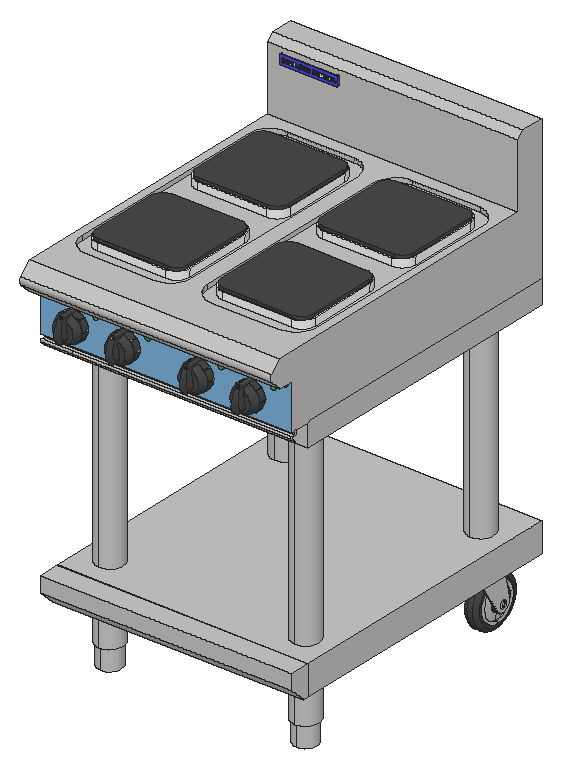
Revit family "QF_Moffat_E514S-LS_Electric_Cooktop_cat", category Specialty Equipment, Revit 2019 (continued)
Definition of nested family "QF_LOGO_BLue Seal"
  Automatic sketch dimensions
    plane 7 "Center Y" to Extrusion 1 sketch curve = 0.845 mm
    plane 7 "Center Y" to Extrusion 1 sketch curve = 0.988 mm
    Extrusion 1 sketch curve to Extrusion 1 sketch curve = 7.327 mm
    Extrusion 1 sketch curve to Extrusion 1 sketch curve = 4.556 mm
    Extrusion 1 sketch curve to Extrusion 1 sketch curve = 3.087 mm
    Extrusion 1 sketch curve to Extrusion 1 sketch curve = 4.657 mm  (x2)
    Extrusion 1 sketch curve to Extrusion 1 sketch curve = 0.004 mm
    Extrusion 1 sketch curve to Extrusion 1 sketch curve = 0.996 mm  (x2)
    Extrusion 1 sketch curve to Extrusion 1 sketch curve = 1.402 mm
    Extrusion 1 sketch curve to Extrusion 1 sketch curve = 5.025 mm
    Extrusion 1 sketch curve to Extrusion 1 sketch curve = 4.717 mm
    Extrusion 1 sketch curve to Extrusion 1 sketch curve = 4.785 mm
    Extrusion 1 sketch curve to Extrusion 1 sketch curve = 0.211 mm
    Extrusion 1 sketch curve to Extrusion 1 sketch curve = 2.645 mm
    Extrusion 1 sketch curve to Extrusion 1 sketch curve = 3.936 mm
    Extrusion 1 sketch curve to Extrusion 1 sketch curve = 0.5 mm  (x2)
    Extrusion 1 sketch curve to Extrusion 1 sketch curve = 1.76 mm
    Extrusion 1 sketch curve to Extrusion 1 sketch curve = 2.76 mm
    Extrusion 1 sketch curve to Extrusion 1 sketch curve = 4.875 mm
    Extrusion 1 sketch curve to Extrusion 1 sketch curve = 3.875 mm
    Extrusion 1 sketch curve to Extrusion 1 sketch curve = 1.717 mm
    plane 4 "RIGHT" to Extrusion 1 sketch curve = 4.933 mm
    plane 4 "RIGHT" to Extrusion 1 sketch curve = 2 mm  (x2)
    level to Extrusion 1 sketch curve = 7.169 mm  (x5)
    Extrusion 1 sketch curve to Extrusion 1 sketch curve = 5.169 mm
    Extrusion 1 sketch curve to Extrusion 1 sketch curve = 0.983 mm  (x2)
    Extrusion 1 sketch curve to Extrusion 1 sketch curve = 1.01 mm  (x2)
    Extrusion 1 sketch curve to Extrusion 1 sketch curve = 0.376 mm
    Extrusion 1 sketch curve to Extrusion 1 sketch curve = 0.588 mm
    Extrusion 1 sketch curve to Extrusion 1 sketch curve = 0.966 mm
    Extrusion 1 sketch curve to Extrusion 1 sketch curve = 2.037 mm  (x2)
    Extrusion 1 sketch curve to Extrusion 1 sketch curve = 0.772 mm  (x2)
    Extrusion 1 sketch curve to Extrusion 1 sketch curve = 0.952 mm
    Extrusion 1 sketch curve to Extrusion 1 sketch curve = 1.046 mm
    Extrusion 1 sketch curve to Extrusion 1 sketch curve = 1.28 mm  (x2)
    Extrusion 1 sketch curve to Extrusion 1 sketch curve = 1.878 mm
    Extrusion 1 sketch curve to Extrusion 1 sketch curve = 2.905 mm
    Extrusion 1 sketch curve to Extrusion 1 sketch curve = 3.031 mm
    Extrusion 1 sketch curve to Extrusion 1 sketch curve = 0.84 mm  (x2)
    Extrusion 1 sketch curve to Extrusion 1 sketch curve = 2.448 mm
    Extrusion 1 sketch curve to Extrusion 1 sketch curve = 2.202 mm
    Extrusion 1 sketch curve to Extrusion 1 sketch curve = 0.786 mm
    Extrusion 1 sketch curve to Extrusion 1 sketch curve = 1.332 mm
    Extrusion 1 sketch curve to Extrusion 1 sketch curve = 1.12 mm  (x2)
    Extrusion 1 sketch curve to Extrusion 1 sketch curve = 1.716 mm
    Extrusion 1 sketch curve to Extrusion 1 sketch curve = 1.051 mm  (x2)
    Extrusion 1 sketch curve to Extrusion 1 sketch curve = 4.147 mm
    Extrusion 1 sketch curve to Extrusion 1 sketch curve = 5.129 mm
    Extrusion 1 sketch curve to Extrusion 1 sketch curve = 0.051 mm
    Extrusion 1 sketch curve to Extrusion 1 sketch curve = 1.037 mm
    Extrusion 1 sketch curve to Extrusion 1 sketch curve = 0.516 mm
    plane 3 "LEFT" to Extrusion 1 sketch curve = 3.555 mm
    Extrusion 2 sketch curve to Extrusion 2 sketch curve = 0 mm  (x16)
    plane 3 "LEFT" to Extrusion 2 sketch curve = 8.019 mm
    Extrusion 2 sketch curve to Extrusion 2 sketch curve = 0.088 mm
    Extrusion 2 sketch curve to Extrusion 2 sketch curve = 0.029 mm
    Extrusion 2 sketch curve to Extrusion 2 sketch curve = 0.27 mm
    Extrusion 2 sketch curve to Extrusion 2 sketch curve = 7.371 mm
    Extrusion 2 sketch curve to Extrusion 2 sketch curve = 0.965 mm
    Extrusion 2 sketch curve to Extrusion 2 sketch curve = 1 mm  (x24)
    Extrusion 2 sketch curve to Extrusion 2 sketch curve = 4.503 mm
    Extrusion 2 sketch curve to Extrusion 2 sketch curve = 2.434 mm
    Extrusion 2 sketch curve to Extrusion 2 sketch curve = 4.362 mm
    Extrusion 2 sketch curve to Extrusion 2 sketch curve = 3.517 mm
    Extrusion 2 sketch curve to Extrusion 2 sketch curve = 3.787 mm  (x2)
    Extrusion 2 sketch curve to Extrusion 2 sketch curve = 4.787 mm  (x2)
    Extrusion 2 sketch curve to Extrusion 2 sketch curve = 4.588 mm  (x2)
    Extrusion 2 sketch curve to Extrusion 2 sketch curve = 1.798 mm
    Extrusion 2 sketch curve to Extrusion 2 sketch curve = 1.956 mm
    Extrusion 2 sketch curve to Extrusion 2 sketch curve = 3.735 mm
    Extrusion 2 sketch curve to Extrusion 2 sketch curve = 1.146 mm
    Extrusion 2 sketch curve to Extrusion 2 sketch curve = 3.631 mm
    Extrusion 2 sketch curve to Extrusion 2 sketch curve = 3.713 mm
    Extrusion 2 sketch curve to Extrusion 2 sketch curve = 0.959 mm
    Extrusion 2 sketch curve to Extrusion 2 sketch curve = 1.688 mm
    Extrusion 2 sketch curve to plane 7 "Center Y" = 3.94 mm
    plane 7 "Center Y" to Extrusion 2 sketch curve = 0.777 mm
    plane 7 "Center Y" to Extrusion 2 sketch curve = 0.845 mm
    plane 7 "Center Y" to Extrusion 2 sketch curve = 0.988 mm
    Extrusion 2 sketch curve to Extrusion 2 sketch curve = 7.327 mm
    Extrusion 2 sketch curve to Extrusion 2 sketch curve = 4.556 mm
    Extrusion 2 sketch curve to Extrusion 2 sketch curve = 3.087 mm
    Extrusion 2 sketch curve to Extrusion 2 sketch curve = 4.657 mm  (x2)
    Extrusion 2 sketch curve to Extrusion 2 sketch curve = 0.004 mm
    Extrusion 2 sketch curve to Extrusion 2 sketch curve = 0.996 mm
    Extrusion 2 sketch curve to Extrusion 2 sketch curve = 1.402 mm
    Extrusion 2 sketch curve to Extrusion 2 sketch curve = 5.025 mm
    Extrusion 2 sketch curve to Extrusion 2 sketch curve = 4.717 mm
    Extrusion 2 sketch curve to Extrusion 2 sketch curve = 4.785 mm
    Extrusion 2 sketch curve to Extrusion 2 sketch curve = 0.211 mm
    Extrusion 2 sketch curve to Extrusion 2 sketch curve = 2.578 mm
    Extrusion 2 sketch curve to Extrusion 2 sketch curve = 3.936 mm
    Extrusion 2 sketch curve to Extrusion 2 sketch curve = 0.5 mm  (x2)
    Extrusion 2 sketch curve to Extrusion 2 sketch curve = 1.76 mm
    Extrusion 2 sketch curve to Extrusion 2 sketch curve = 2.76 mm
    Extrusion 2 sketch curve to Extrusion 2 sketch curve = 3.875 mm
    Extrusion 2 sketch curve to Extrusion 2 sketch curve = 4.875 mm
    Extrusion 2 sketch curve to Extrusion 2 sketch curve = 1.717 mm
    level to Extrusion 2 sketch curve = 7.169 mm  (x6)
    level to Extrusion 2 sketch curve = 7.227 mm
    Extrusion 2 sketch curve to Extrusion 2 sketch curve = 0.003 mm
    Extrusion 2 sketch curve to Extrusion 2 sketch curve = 0.983 mm  (x2)
    Extrusion 2 sketch curve to Extrusion 2 sketch curve = 1.01 mm  (x2)
    Extrusion 2 sketch curve to Extrusion 2 sketch curve = 1.376 mm
    Extrusion 2 sketch curve to Extrusion 2 sketch curve = 0.588 mm
    Extrusion 2 sketch curve to Extrusion 2 sketch curve = 0.966 mm
    Extrusion 2 sketch curve to Extrusion 2 sketch curve = 2.037 mm  (x2)
    Extrusion 2 sketch curve to Extrusion 2 sketch curve = 0.772 mm  (x2)
    Extrusion 2 sketch curve to Extrusion 2 sketch curve = 1.539 mm
    Extrusion 2 sketch curve to Extrusion 2 sketch curve = 0.961 mm
    Extrusion 2 sketch curve to Extrusion 2 sketch curve = 1.28 mm  (x2)
    Extrusion 2 sketch curve to Extrusion 2 sketch curve = 1.878 mm
    Extrusion 2 sketch curve to Extrusion 2 sketch curve = 2.905 mm
    Extrusion 2 sketch curve to Extrusion 2 sketch curve = 3.969 mm
    Extrusion 2 sketch curve to Extrusion 2 sketch curve = 0.84 mm  (x2)
    Extrusion 2 sketch curve to Extrusion 2 sketch curve = 2.448 mm
    Extrusion 2 sketch curve to Extrusion 2 sketch curve = 2.202 mm
    Extrusion 2 sketch curve to Extrusion 2 sketch curve = 2.222 mm
    Extrusion 2 sketch curve to Extrusion 2 sketch curve = 1.332 mm
    Extrusion 2 sketch curve to Extrusion 2 sketch curve = 1.12 mm  (x2)
    Extrusion 2 sketch curve to Extrusion 2 sketch curve = 0.929 mm
    Extrusion 2 sketch curve to Extrusion 2 sketch curve = 1.051 mm  (x2)
    Extrusion 2 sketch curve to Extrusion 2 sketch curve = 5.129 mm  (x2)
    Extrusion 2 sketch curve to Extrusion 2 sketch curve = 4.147 mm
    Extrusion 2 sketch curve to Extrusion 2 sketch curve = 0.516 mm
    plane 3 "LEFT" to Extrusion 2 sketch curve = 3.555 mm
    plane 3 "LEFT" to Extrusion 3 sketch curve = 8.107 mm
    Extrusion 3 sketch curve to Extrusion 3 sketch curve = 0.182 mm
    level to Extrusion 3 sketch curve = 7.231 mm
    Extrusion 3 sketch curve to Extrusion 3 sketch curve = 3.969 mm
    Extrusion 4 sketch curve to plane 3 "LEFT" = 8.107 mm
    Extrusion 4 sketch curve to Extrusion 4 sketch curve = 0.088 mm
    Extrusion 4 sketch curve to level = 7.227 mm
    Extrusion 4 sketch curve to Extrusion 4 sketch curve = 3.972 mm
Definition of nested family "6 INCHES 02_CASTER"
  Parameters (values of type "6 INCHES 02_CASTER")
    Weight = ""
    URL Manufacturer = ""
    URL Cutsheet = ""
    URL = ""
    Type Mark [instance] = ""
    Specification by User [instance] = ""
    Specification by Manufacturer = ""
    Show Casters [instance] = yes
    Serial Number = ""
    Seismic Rating = ""
    SMACNA No = ""
    Revision Code [instance] = ""
    Omniclass Number and Title = ""
    NAFEM Spec ID Number = ""
    Model = ""
    MasterSpec. = ""
    Manufacturer = ""
    Item Number [instance] = ""
    Installed By [instance] = ""
    Identify Quantity as Lot [instance] = yes
    Furnished By [instance] = ""
    Foodservice Equipment Identifier [instance] = yes
    Description = ""
    CSI MasterFormat = ""
    CSI Master Format = ""
  Reference planes
    plane 1 "BACK": y = 0
    plane 2: z = 0
    plane 3 "LEFT": x = 0
    plane 4 "RIGHT": x = 0
    plane 5 "FRONT": y = 0
    plane 6 "TOP": z = 150
  Forms (mm)
    Revolve 1, solid, visible <- "Show Casters"
      sketch origin (-56.335, 0, -6.35) x (-1, 0, 0) y (0, 0, 1)
        loop
          line (-56.335, 152.4) -> (-56.335, 141.118) -> (-23.798, 141.118) -> (-23.798, 152.4) -> (-56.335, 152.4)
        axis (-56.335, 141.118) -> (-56.335, 152.4)
      angle from 0 to 360
    Extrusion 2, solid, visible <- "Show Casters"
      sketch origin (6.501, 53.083, -4.762) x (0, 1, 0) y (0, 0, 1)
        loop
          line (-85.799, 139.531) -> (-85.799, 133.181) -> (-42.478, 58.614)
          arc (-42.478, 58.614) -> (-16.638, 50.199) -> (-6.442, 75.39) r 19.923
          line (-6.442, 75.39) -> (-20.366, 139.531) -> (-85.799, 139.531)
      from 20.058 to 22.923
    Extrusion 3, solid, visible <- "Show Casters"
      sketch origin (0, 0, 146.05) x (0, 1, 0) y (-1, 0, 0)
        loop
          circle (0, 0) r 19.05
      from 0 to 3.95
    Extrusion 4, solid, visible <- "Show Casters"
      sketch origin (-6.501, 53.083, -4.762) x (0, 1, 0) y (0, 0, -1)
        loop
          line (-85.799, -133.181) -> (-85.799, -139.531) -> (-20.366, -139.531) -> (-6.442, -75.39)
          arc (-6.442, -75.39) -> (-16.638, -50.199) -> (-42.478, -58.614) r 19.923
          line (-42.478, -58.614) -> (-85.799, -133.181)
      from 20.058 to 22.923
    Extrusion 5, solid, visible <- "Show Casters"
      sketch origin (0, -3.253, 19.05) x (0, 1, 0) y (0, 0, 1)
        loop
          line (-29.464, 115.718) -> (-29.464, 109.368) -> (35.969, 109.368) -> (35.969, 115.718) -> (-29.464, 115.718)
      from -26.559 to 26.559
    Revolve 6, solid, visible <- "Show Casters"
      sketch origin (-49.213, 28.39, -3.252) x (1, 0, 0) y (0, 0, 1)
        loop
          line (14.841, 65.192) -> (14.841, 61.686) -> (16.111, 60.416) -> (17.635, 60.416) -> (17.635, 56.97) -> (29.782, 56.97) -> (29.782, 46.925) -> (33.069, 45.027) -> (36.232, 25.477) -> (32.544, 25.477) -> (32.544, 19.127) -> (33.338, 19.127) -> (33.338, 12.777)
          arc (33.338, 12.777) -> (36.127, 6.041) -> (42.863, 3.252) r 9.525
          line (42.863, 3.252) -> (55.563, 3.252)
          arc (55.563, 3.252) -> (62.298, 6.041) -> (65.088, 12.777) r 9.525
          line (65.088, 12.777) -> (65.088, 19.127) -> (65.881, 19.127) -> (65.881, 25.477) -> (62.193, 25.477) -> (65.371, 45.116) -> (68.644, 47.006) -> (68.644, 56.97) -> (80.79, 56.97) -> (80.79, 60.416) -> (82.314, 60.416) -> (83.584, 61.686) -> (83.584, 65.192) -> (14.841, 65.192)
        axis (14.841, 65.192) -> (83.584, 65.192)
      angle from 0 to 360
  Cuts and joins
    joined: Extrusion 2, Extrusion 4, Extrusion 5
  Lines and regions (mm)
    symbolic lines, visible <- "Show Casters"
      curve 1: line (11.652, 51.878, 0) -> (39.148, 36.003, 0)
      curve 2: line (-39.148, -36.11, 0) -> (-20.098, -3.115, 0)
      curve 3: line (-11.652, -51.985, 0) -> (-39.148, -36.11, 0)
      curve 4: line (39.148, 36.003, 0) -> (20.098, 3.007, 0)
      curve 5: line (-7.398, 18.882, 0) -> (11.652, 51.878, 0)
      curve 6: line (7.398, -18.99, 0) -> (-11.652, -51.985, 0)
  Dimensions and locks
    plane 6 "TOP" to level = 150 mm  (x2)
    aligned and locked: level to plane 2
